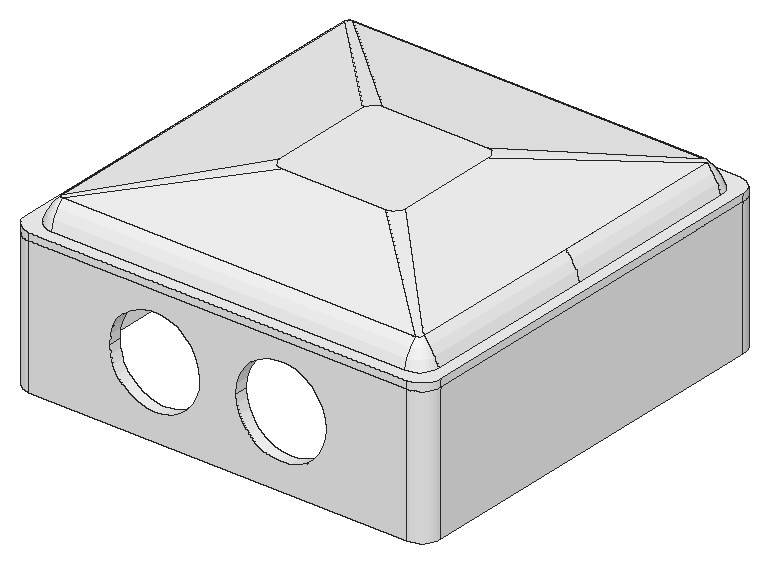
Revit family "4462_Addressable Dual Input Unit ", category Fire Alarm Devices, host Face, Revit 2020
Family settings
  Host = Face
  Maintain Annotation Orientation = No
  Round Connector Dimension = Use Diameter
  Part Type = Normal
  OmniClass Number = 23.85.30.21
  OmniClass Title = Environmental Detection/Registration
  Cut with Voids When Loaded = No
  Shared = No
  Room Calculation Point = No
Parameters (values of type "4462")
  Width (mm) = 110 mm  # constant formula
  Weight = "188g"  # constant formula
  Voltage Normal = "24 VDC"  # constant formula
  Voltage Allowed = "12 – 30 VDC"  # constant formula
  Version = "RVT20"  # constant formula
  Vds Approval = "G218081"  # constant formula
  Uniformat 2010 Description = "Detection and Alarm"  # constant formula
  Uniformat 2010  Code = "D7050"  # constant formula
  Uniclass 2015 Description = "Fire and smoke detector bases"  # constant formula
  Uniclass 2015 Code = "Pr_75_80_30_27 "  # constant formula
  URL = "https://www.panasonic-fire-security.com"
  Type Comments = "The 4462 is a dual input unit with isolator for monitoring of various equipment like switches, sprinkler valves, etc. The inputs are programmed via EBLWin. NC or NO contact."  # constant formula
  Tested and Approved = "EN54-18, EN54-17"  # constant formula
  Technical Number [instance] = ""
  Short Circuit Isolator = "Yes (Built-in)"  # constant formula
  Relay Outputs = "2"  # constant formula
  Product Material = Polycarbonate_Panasonic_White
  Power Supply = "Via COM loop"  # constant formula
  Omniclass Description = "Smoke Detectors"  # constant formula
  Omniclass Code = "23.85.30.21.11.11.11"  # constant formula
  Model = "4462"  # constant formula
  Min_Wire Size = "Ø 0.6 mm (0.28 mm²)"  # constant formula
  Max_Wire Size = "Ø 1.2 mm (1.5 mm²)"  # constant formula
  Manufacturer = "Panasonic"  # constant formula
  Ingress Protection Rating = "IP65"  # constant formula
  Height (mm) = 110 mm  # constant formula
  General Inputs = "2"  # constant formula
  Enclosure = "Standard Fibox encapsulation. (JB 6 G)"  # constant formula
  Description = "Addressable 2 inputs unit with isolator 4462"  # constant formula
  Depth (mm) = 49 mm  # constant formula
  Default Elevation = 0 mm
  Current Quiescent = "≤ 2.2 mA"  # constant formula
  Current (Active) = "≤ 2.2 mA"  # constant formula
  Contact = ""
  CPR = "0786-CPR-21589"  # constant formula
  Ambient Temperature Storage = "-20 to +60 °C"  # constant formula
  Ambient Temperature Operating = "-10 to +50 °C"  # constant formula
  Ambient Humidity = "Maximum 95 % RH "  # constant formula
  Address Range = "1-253"  # constant formula
Reference planes
  plane 1 "Center (Front/Back)": y = 0
  plane 2: z = 0
  plane 3 "Center (Left/Right)": x = 0
  plane 4: z = 36
  plane 5: x = -55
  plane 6: x = 55
  plane 7: y = 55
  plane 8: y = -55
  plane 9: z = 49
  plane 10: x = -51.75
  plane 11: y = 51.75
  plane 12: y = -51.75
  plane 13: x = 51.75
  plane 14: x = -16.75
  plane 15: x = 16.75
  plane 16: y = 16.75
  plane 17: y = -16.75
  plane 18: z = 38
Forms (mm)
  Extrusion 1, solid, material "Polycarbonate_Panasonic_White" <- "Product Material"
    sketch origin (0, 0, 0) x (1, 0, 0) y (0, 1, 0)
      loop
        arc (-55, -50) -> (-53.536, -53.536) -> (-50, -55) r 5
        line (-50, -55) -> (50, -55)
        arc (50, -55) -> (53.536, -53.536) -> (55, -50) r 5
        line (55, -50) -> (55, 50)
        arc (55, 50) -> (53.536, 53.536) -> (50, 55) r 5
        line (50, 55) -> (-50, 55)
        arc (-50, 55) -> (-53.536, 53.536) -> (-55, 50) r 5
        line (-55, 50) -> (-55, -50)
      loop
        arc (-46.75, 51.75) -> (-50.286, 50.286) -> (-51.75, 46.75) r 5
        line (-51.75, 46.75) -> (-51.75, -46.75)
        arc (-51.75, -46.75) -> (-50.286, -50.286) -> (-46.75, -51.75) r 5
        line (-46.75, -51.75) -> (46.75, -51.75)
        arc (46.75, -51.75) -> (50.286, -50.286) -> (51.75, -46.75) r 5
        line (51.75, -46.75) -> (51.75, 46.75)
        arc (51.75, 46.75) -> (50.286, 50.286) -> (46.75, 51.75) r 5
        line (46.75, 51.75) -> (-46.75, 51.75)
    from 0 to 36
  Sweep 2, solid, material "Polycarbonate_Panasonic_White" <- "Product Material"
    path origin (0, 0, 0) x (1, 0, 0) y (0, -1, 0)
      loop
        line (51.75, 0) -> (51.75, 46.75)
        arc (51.75, 46.75) -> (50.286, 50.286) -> (46.75, 51.75) r 5
        line (46.75, 51.75) -> (-46.75, 51.75)
        arc (-46.75, 51.75) -> (-50.286, 50.286) -> (-51.75, 46.75) r 5
        line (-51.75, 46.75) -> (-51.75, 0)
    profile origin (51.75, -23.375, 0) x (1, 0, 0) y (0, 0, 1)
      loop
        arc (0, 38) -> (-1.496, 41.337) -> (-3.809, 44.169) r 13.916
        line (-3.809, 44.169) -> (-3.809, 38) -> (0, 38)
  Extrusion 3, solid, material "Polycarbonate_Panasonic_White" <- "Product Material"
    sketch origin (0, 0, 0) x (1, 0, 0) y (0, 1, 0)
      loop
        arc (-47.941, -46.75) -> (-47.592, -47.592) -> (-46.75, -47.941) r 1.191
        line (-46.75, -47.941) -> (46.75, -47.941)
        arc (46.75, -47.941) -> (47.592, -47.592) -> (47.941, -46.75) r 1.191
        line (47.941, -46.75) -> (47.941, 46.75)
        arc (47.941, 46.75) -> (47.592, 47.592) -> (46.75, 47.941) r 1.191
        line (46.75, 47.941) -> (-46.75, 47.941)
        arc (-46.75, 47.941) -> (-47.592, 47.592) -> (-47.941, 46.75) r 1.191
        line (-47.941, 46.75) -> (-47.941, -46.75)
    from 38 to 44.169
  Blend 4, solid, material "Polycarbonate_Panasonic_White" <- "Product Material"
    base sketch origin (0, 0, 0) x (1, 0, 0) y (0, 1, 0)
      loop
        line (-47.941, 46.75) -> (-47.941, -46.75)
        arc (-47.941, -46.75) -> (-47.592, -47.592) -> (-46.75, -47.941) r 1.191
        line (-46.75, -47.941) -> (46.75, -47.941)
        arc (46.75, -47.941) -> (47.592, -47.592) -> (47.941, -46.75) r 1.191
        line (47.941, -46.75) -> (47.941, 46.75)
        arc (47.941, 46.75) -> (47.592, 47.592) -> (46.75, 47.941) r 1.191
        line (46.75, 47.941) -> (-46.75, 47.941)
        arc (-46.75, 47.941) -> (-47.592, 47.592) -> (-47.941, 46.75) r 1.191
    top sketch origin (0, 0, 0) x (1, 0, 0) y (0, 1, 0)
      loop
        line (-13.75, -16.75) -> (13.75, -16.75)
        arc (13.75, -16.75) -> (15.871, -15.871) -> (16.75, -13.75) r 3
        line (16.75, -13.75) -> (16.75, 13.75)
        arc (16.75, 13.75) -> (15.871, 15.871) -> (13.75, 16.75) r 3
        line (13.75, 16.75) -> (-13.75, 16.75)
        arc (-13.75, 16.75) -> (-15.871, 15.871) -> (-16.75, 13.75) r 3
        line (-16.75, 13.75) -> (-16.75, -13.75)
        arc (-16.75, -13.75) -> (-15.871, -15.871) -> (-13.75, -16.75) r 3
    from 44.169 to 49
  Sweep 5, solid, material "Polycarbonate_Panasonic_White" <- "Product Material"
    path origin (0, 0, 0) x (1, 0, 0) y (0, 1, 0)
      loop
        line (51.75, 0) -> (51.75, 46.75)
        arc (51.75, 46.75) -> (50.286, 50.286) -> (46.75, 51.75) r 5
        line (46.75, 51.75) -> (-46.75, 51.75)
        arc (-46.75, 51.75) -> (-50.286, 50.286) -> (-51.75, 46.75) r 5
        line (-51.75, 46.75) -> (-51.75, 0)
    profile origin (51.75, 23.375, 0) x (-1, 0, 0) y (0, 0, 1)
      loop
        line (0, 38) -> (3.809, 38) -> (3.809, 44.169)
        arc (3.809, 44.169) -> (1.496, 41.337) -> (0, 38) r 13.916
  Extrusion 6, solid, material "Polycarbonate_Panasonic_White" <- "Product Material"
    sketch origin (0, 0, 0) x (1, 0, 0) y (0, 1, 0)
      loop
        line (-55, 50) -> (-55, -50)
        arc (-55, -50) -> (-53.536, -53.536) -> (-50, -55) r 5
        line (-50, -55) -> (50, -55)
        arc (50, -55) -> (53.536, -53.536) -> (55, -50) r 5
        line (55, -50) -> (55, 50)
        arc (55, 50) -> (53.536, 53.536) -> (50, 55) r 5
        line (50, 55) -> (-50, 55)
        arc (-50, 55) -> (-53.536, 53.536) -> (-55, 50) r 5
    from 36 to 38
  Extrusion 7, void
    sketch origin (0, 0, 0) x (1, 0, 0) y (0, 0, 1)
      loop
        circle (-16.75, 18.957) r 12
      loop
        circle (16.75, 18.957) r 12
    from 51.75 to 55
Cuts and joins
  Extrusion 7 cuts Extrusion 1
  joined: Sweep 2, Extrusion 3, Sweep 5
Dimensions and locks
  locked: plane 4 to host face at 36
  locked: plane 5 to plane 10 at 3.25
  locked: plane 13 to plane 6 at 3.25
  locked: plane 7 to plane 11 at 3.25
  locked: plane 8 to plane 12 at 3.25
  equal spacing: plane 14, plane 3 "Center (Left/Right)", plane 15
  equal spacing: plane 16, plane 1 "Center (Front/Back)", plane 17
  equal spacing: plane 7, plane 1 "Center (Front/Back)", plane 8
  "Width (mm)": plane 7 to plane 8
  equal spacing: plane 5, plane 3 "Center (Left/Right)", plane 6
  "Height (mm)": plane 5 to plane 6
  locked: plane 18 to plane 4 at 2
  "Depth (mm)": plane 9 to host face
  aligned and locked: plane 2 to host face
  aligned and locked: level to host face
  aligned and locked: Extrusion 1 sketch curve to plane 7
  aligned and locked: Extrusion 1 sketch curve to plane 6
  aligned and locked: Extrusion 1 sketch curve to plane 8
  aligned and locked: Extrusion 1 sketch curve to plane 5
  aligned and locked: Sweep 2 to Extrusion 3 sketch curve
  aligned and locked: Extrusion 3 sketch curve to Sweep 2
  aligned and locked: plane 17 to Blend 4 sketch curve
  aligned and locked: plane 14 to Blend 4 sketch curve
  aligned and locked: plane 16 to Blend 4 sketch curve
  aligned and locked: plane 15 to Blend 4 sketch curve
  aligned and locked: plane 9 to Blend 4
  aligned and locked: plane 18 to Sweep 5 sketch curve
  aligned and locked: Extrusion 3 to plane 18
  aligned and locked: Extrusion 6 sketch curve to Extrusion 1  (x2)
  aligned and locked: plane 7 to Extrusion 6 sketch curve
  aligned and locked: plane 5 to Extrusion 6 sketch curve
  aligned and locked: Extrusion 6 to Sweep 2
  aligned and locked: Extrusion 6 to plane 4
  aligned and locked: Extrusion 1 to Extrusion 7
  aligned and locked: Extrusion 7 to plane 12
  aligned and locked: Extrusion 1 sketch curve to plane 12
  aligned and locked: Extrusion 1 sketch curve to plane 10
  aligned and locked: Extrusion 1 sketch curve to plane 11
  aligned and locked: Extrusion 1 sketch curve to plane 13
Automatic sketch dimensions
  host sketch curve to host sketch curve = 2438.4 mm  (x2)
  Extrusion 1 sketch curve to plane 10 = 1.75 mm  (x2)
  Extrusion 1 sketch curve to Extrusion 1 sketch curve = 3.25 mm  (x2)
  Extrusion 1 sketch curve to plane 13 = 5 mm
  Extrusion 1 sketch curve to Extrusion 1 sketch curve = 5 mm
  Extrusion 1 sketch curve to plane 13 = 1.75 mm
  Extrusion 1 sketch curve to plane 12 = 1.75 mm
  plane 1 "Center (Front/Back)" to Sweep 2 sketch curve = 0 mm  (x2)
  Sweep 2 sketch curve to plane 10 = 0 mm
  plane 12 to Sweep 2 sketch curve = 0 mm
  Sweep 2 sketch curve to plane 13 = 0 mm
  plane 10 to Sweep 2 sketch curve = 5 mm
  plane 13 to Sweep 2 sketch curve = 5 mm
  profile plane to Sweep 2 sketch curve = 0 mm
  Sweep 2 sketch curve to Sweep 2 sketch curve = 3.809 mm
  Sweep 2 sketch curve to Sweep 2 sketch curve = 9.527 mm
  level to Sweep 2 sketch curve = 34.026 mm
  Sweep 2 sketch curve to Sweep 2 sketch curve = 3.974 mm
  Extrusion 3 sketch curve to Extrusion 3 sketch curve = 1.191 mm  (x3)
  Extrusion 3 sketch curve to plane 13 = 5 mm  (x2)
  Extrusion 3 sketch curve to plane 11 = 5 mm
  Blend 4 sketch curve to plane 10 = 3.809 mm
  Blend 4 sketch curve to Blend 4 sketch curve = 1.191 mm  (x3)
  Blend 4 sketch curve to plane 13 = 5 mm  (x2)
  Blend 4 sketch curve to plane 12 = 3.809 mm
  Blend 4 sketch curve to plane 11 = 5 mm
  Blend 4 sketch curve to plane 14 = 3 mm
  Blend 4 sketch curve to Blend 4 sketch curve = 3 mm  (x2)
  Blend 4 sketch curve to plane 15 = 3 mm
  plane 1 "Center (Front/Back)" to Sweep 5 sketch curve = 0 mm  (x2)
  Sweep 5 sketch curve to plane 10 = 0 mm
  Sweep 5 sketch curve to plane 11 = 0 mm
  Sweep 5 sketch curve to plane 13 = 0 mm
  Sweep 5 sketch curve to plane 10 = 5 mm
  Sweep 5 sketch curve to plane 13 = 5 mm
  Sweep 5 sketch curve to profile plane = 0 mm
  Sweep 5 sketch curve to Sweep 5 sketch curve = 3.809 mm
  Sweep 5 sketch curve to Sweep 5 sketch curve = 9.527 mm
  Sweep 5 sketch curve to Sweep 5 sketch curve = 3.974 mm
  Extrusion 6 sketch curve to plane 10 = 1.75 mm  (x2)
  Extrusion 6 sketch curve to plane 11 = 1.75 mm
  Extrusion 6 sketch curve to plane 13 = 1.75 mm
  plane 14 to Extrusion 7 sketch curve = 0 mm
  Extrusion 7 sketch curve to plane 15 = 0 mm
  Extrusion 7 sketch curve to plane 4 = 17.043 mm  (x2)
  radius of Extrusion 7 sketch curve = 12 mm  (x2)
Connectors
  electrical at (0, 0, 0)
    settings: index 1, voltage 0 V, apparent load 0 VA, apparent load phase1 0 VA, apparent load phase2 0 VA, apparent load phase3 0 VA, power factor 1, load classification "Other", number of poles 1, system type 11, power factor state 1, is connector primary yes, connector utility no, sub classification motor no, connector description ""
